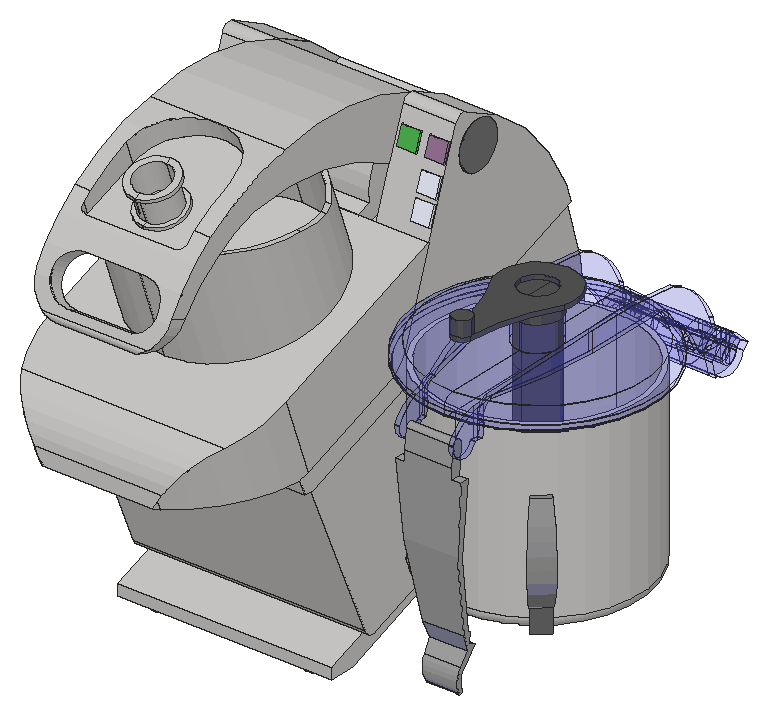
Revit family "QF_DITOSAMA_600439_DTRK70YG", category Specialty Equipment, Revit 2018 (continued)
Definition of nested family "QF_600438_BOWL"
  Lines and regions (mm)
    symbolic lines
      curve 65: arc (-128, -18.211, 0) -> (-101.973, 25.34, 0) -> (-60.771, 54.948, 0) r 124.909
      curve 66: arc (-128, -100.142, 0) -> (-134.909, -59.177, 0) -> (-128, -18.211, 0) r 124.909
      curve 67: line (-108, -177.764, 0) -> (-49.233, -177.764, 0)
      curve 68: line (-128, 191, 0) -> (-128, -17.764, 0)
      curve 69: line (29.233, -177.764, 0) -> (108, -177.764, 0)
      curve 70: line (-128, -97.764, 0) -> (-128, -157.764, 0)
      curve 71: line (-108, 211, 0) -> (108, 211, 0)
      curve 72: arc (-128, -157.764, 0) -> (-122.142, -171.906, 0) -> (-108, -177.764, 0) r 20
      curve 73: arc (108, -177.764, 0) -> (122.142, -171.906, 0) -> (128, -157.764, 0) r 20
      curve 74: arc (128, 191, 0) -> (122.142, 205.142, 0) -> (108, 211, 0) r 20
      curve 75: arc (-108, 211, 0) -> (-122.142, 205.142, 0) -> (-128, 191, 0) r 20
      curve 76: line (45.852, 123.86, 0) -> (-71.073, 123.86, 0)
      curve 77: line (45.852, 137.378, 0) -> (-65.852, 137.378, 0)
      curve 78: line (45.852, 143.082, 0) -> (-65.852, 143.082, 0)
      curve 79: line (53.607, 123.86, 0) -> (45.852, 123.86, 0)
      curve 80: line (45.852, 123.86, 0) -> (45.852, 170.216, 0)
      curve 81: line (45.852, 170.216, 0) -> (-65.852, 170.216, 0)
      curve 82: line (-65.852, 170.216, 0) -> (-65.852, 123.86, 0)
      curve 83: line (102.599, 101.361, 0) -> (117.599, 101.361, 0)
  Dimensions and locks
    plane 4 "TOP" to level = 705.4 mm  (x2)
    plane 7 "LEFT" to plane 3 "Center (Left/Right)" to plane 8 "RIGHT" = 128 mm, 128 mm
    plane 6 "BACK" to plane 1 "Center (Front/Back)" to plane 5 "FRONT" = 211 mm, 211 mm
    plane 6 "BACK" to plane 5 "FRONT" = 422 mm
    plane 7 "LEFT" to plane 8 "RIGHT" = 256 mm
    plane 9 "CenterX" to plane 3 "Center (Left/Right)" = 10 mm
    plane 12 to level = 510 mm
    aligned and locked: level to plane 2
    aligned and locked: Extrusion 5 to cut or joined group of Extrusion 8, Extrusion 9, Extrusion 11, Extrusion 20
